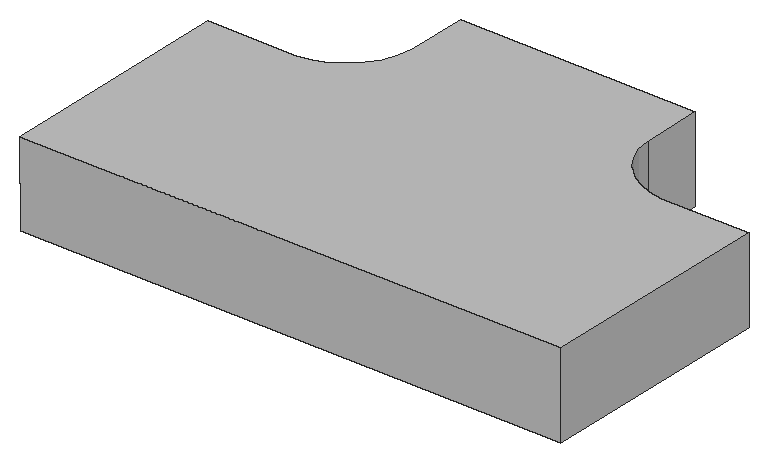
Revit family "Specialty_Equipment-Metal_Raceway-Hubbell_Wiring-Tee_Fitting_Undivided-HBL4715", category Specialty Equipment, host Face, Revit 2015
Parameters (values of type "HBL4715GY - Gray")
  URL = "http://www.hubbell-wiring.com/"
  Product data url = "https://bimobject.com/hubbellwiring/product/hubbell-metal-raceway-hbl4750"
  Product Page URL = "http://ecatalog.hubbell-wiring.com/ProductInformation/ViewCatalog.aspx?Dest=hubbell-wiring.com/press/catalog/o.pdf&Page=21"
  Product Documentation Link = "http://www.hubbell-wiring.com/press/pdfs/h5233r08.pdf"
  Model = "HBL4715GY"
  Manufacturer = "Hubbell-Wiring"  # constant formula
  Host Note = "Add in Section View; Host to Wall"  # constant formula
  Description = "Tee Fitting Undivided"  # constant formula
  Default Elevation = 0' - 0"
  Cable Tray Material = Metal-Hubbell-Gray Powder Coat
  Assembly Code = "D5090900"
Types (3): name | Model | Cable Tray Material
  (no name) | "HBL4715IV" | Metal-Hubbell-Ivory Powder Coat
  HBL4715GY - Gray | "HBL4715GY" | Metal-Hubbell-Gray Powder Coat
  HBL4715IV - Ivory | "HBL4715IV" | Metal-Hubbell-Ivory Powder Coat
Reference planes (in)
  plane 1 "Level": y = 0
  plane 2 "Wall": z = 0
  plane 3 "Left": x = 0
  plane 4 "Outer Face": z = 1.71
  plane 5 "Right": x = 10.93016
  plane 6 "Top": y = 4.89533
  plane 7 "Bottom": y = -2.375
  plane 8 "Center Top": x = 5.46504
Forms (in)
  Extrusion 1, solid, material "Metal-Hubbell-Gray Powder Coat" <- "Cable Tray Material"
    sketch origin (0, -2.375, 0) x (1, 0, 0) y (0, 1, 0)
      loop
        line (7.84003, 7.27033) -> (3.09006, 7.27033) -> (3.09006, 6.06693)
        arc (3.09006, 6.06693) -> (2.67226, 5.16738) -> (1.77251, 4.75) r 1.443
        line (1.77251, 4.75) -> (0, 4.75) -> (0, 0) -> (10.93016, 0) -> (10.93016, 4.74984) -> (9.15789, 4.74984)
        arc (9.15789, 4.74984) -> (8.25804, 5.167) -> (7.84003, 6.06645) r 1.443
        line (7.84003, 6.06645) -> (7.84003, 7.27033)
    from 0 to 1.71
Lines and regions (in)
  Masking region 1
    outline origin (0, 0, 0) x (1, 0, 0) y (0, 0, 1)
      loop
        line (0, 1.71) -> (0, 0) -> (10.93016, 0) -> (10.93016, 1.71) -> (0, 1.71)
  symbolic lines, detail levels fine
    curve 1: line (2.80476, 0, 0) -> (2.80476, 0, 1.71)
    curve 2: line (3.09006, 0, 1.71) -> (3.09006, 0, 0)
    curve 3: line (7.84003, 0, 0) -> (7.84003, 0, 1.71)
    curve 4: line (8.12531, 0, 0) -> (8.12531, 0, 1.71)
Dimensions and locks (in)
  locked: plane 4 "Outer Face" to level at 1.71
  plane 6 "Top" to plane 1 "Level" to plane 7 "Bottom" = 0' - 4.89533" locked, 0' - 2 3/8" locked
  plane 3 "Left" to plane 8 "Center Top" to plane 5 "Right" = 0' - 5.46504" locked, 0' - 5.46512" locked
  aligned and locked: host face to plane 2 "Wall"
  aligned and locked: level to host face
  aligned and locked: plane 6 "Top" to Extrusion 1
  aligned and locked: plane 5 "Right" to Extrusion 1
  aligned and locked: Masking region 1 sketch curve to Extrusion 1  (x4)
  aligned and locked: curve 2 to Extrusion 1
  aligned and locked: curve 3 to Extrusion 1
  aligned and locked: Extrusion 1 to plane 4 "Outer Face"
  aligned and locked: plane 4 "Outer Face" to curve 1
  aligned and locked: plane 4 "Outer Face" to curve 2
  aligned and locked: plane 4 "Outer Face" to curve 3
  aligned and locked: plane 4 "Outer Face" to curve 4
  aligned and locked: plane 2 "Wall" to curve 1
  aligned and locked: plane 2 "Wall" to curve 2
  aligned and locked: plane 2 "Wall" to curve 3
  aligned and locked: plane 2 "Wall" to curve 4
  aligned and locked: plane 7 "Bottom" to Extrusion 1
